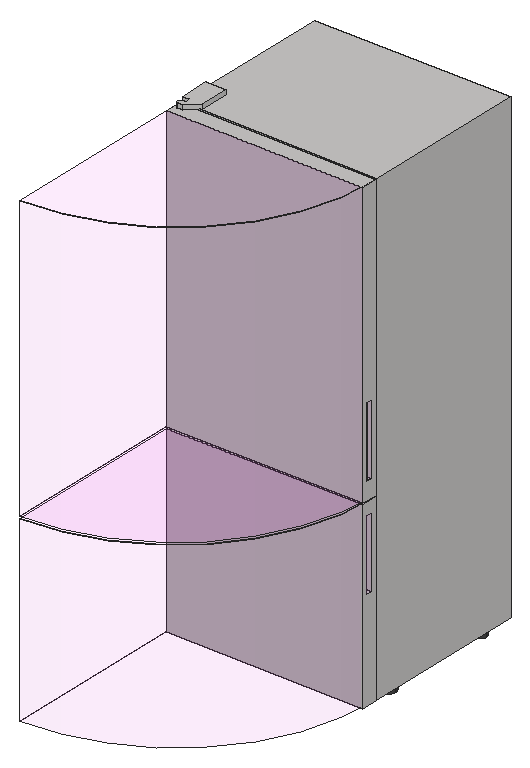
Revit family "QF_Summit_FFBF279SSX_Freezer_Refrigerator", category Specialty Equipment, Revit 2020
Family settings
  Round Connector Dimension = Use Diameter
  Part Type = Normal
  Work Plane-Based = No
  Always vertical = Yes
  Cut with Voids When Loaded = No
  Shared = No
  Room Calculation Point = No
Parameters
  Weight in Pounds = 177
  Watts = Volts * FL Amps  # 230 W
  Volts = 115 V
  URL Cutsheet = ""
  Specification by User = ""
  Specification by Manufacturer = ""
  Show RHD [instance] = not(Show LHD)  # yes
  Show LHD [instance] = no
  Show Clearance [instance] = yes
  Serial Number = ""
  Seismic Rating = ""
  SMACNA No = ""
  Revision Code = ""
  Refrigerant Volume = 0.00 kip
  Refrigerant Type = "R600a"
  Phase = 1
  Number of Poles = 1
  NAFEM Spec ID Number = ""
  Model = "FFBF279SSX"
  Min Ckt Ampacity = 0 A
  Max Overcurrent Protection = 0 A
  Masterspec = ""
  Manufacturer = "Summit"
  Length = 27 5/8"
  Item Number = ""
  Installed By = ""
  Identify Quantity as Lot = yes
  Height = 67.005"
  HP = ""
  Furnished By = ""
  Foodservice Equipment Identifier = yes
  FL Amps = 2 A
  Electrical Remarks = ""
  Electric Connection Type = ""
  Elec Conn RI Height = 0"
  Elec Conn Connection Height = 0"
  Description = "Freezer Refrigerator"
  Depth = 26 3/4"
  Default Elevation = 0"
  Cycle = 60 Hz
  Conn Plug = ""
  Conn Conduit = yes
  CSI MasterFormat = ""
  BTUH = 0.0 Btu/h
  Apparent Power = 0 VA
Reference planes (in)
  plane 1 "BACK": y = 0
  plane 2: z = 0
  plane 3 "LEFT": x = 0
  plane 4 "RIGHT": x = 27.625
  plane 5 "FRONT": y = -26.75
  plane 6 "TOP": z = 67.005
  plane 7 "Center Y": x = 13.8125
  plane 8 "Center X": y = -13.375
Dimensions and locks (in)
  equal spacing: plane 3 "LEFT", plane 7 "Center Y", plane 4 "RIGHT"
  "Length": plane 3 "LEFT" to plane 4 "RIGHT"
  equal spacing: plane 5 "FRONT", plane 8 "Center X", plane 1 "BACK"
  "Depth": plane 5 "FRONT" to plane 1 "BACK"
  "Height": plane 6 "TOP" to level
  aligned and locked: level to plane 2
Nested families (in)
  nested 1: "FFBF279SSX" at (0, 0, 0), Show Clearance <- "Show Clearance", Show LHD <- "Show LHD", Show RHD <- "Show RHD", type "FFBF279SSX"
    with Show RHD yes, Show LHD no, Show Clearance yes
Connectors (in)
  electrical at (19.67813, -0.34375, 2.5181), driven by "Volts", driven by "Watts"
    settings: on nested 1, index 1, voltage 115 V, apparent load 230 VA, apparent load phase1 0 VA, apparent load phase2 0 VA, apparent load phase3 0 VA, power factor 1, load classification "Other", number of poles 1, system type 30, power factor state 1, is connector primary yes, connector utility no, sub classification motor no, connector description "ELECTRICAL CONNECTION"
Definition of nested family "FFBF279SSX"
  Parameters (values of type "FFBF279SSX")
    Weight in Pounds = 0
    URL Cutsheet = ""
    Steam Supply Volume = 0 GPM
    Steam Supply Size = 0"
    Steam Supply RI Height = 0"
    Steam Supply Minimum Pressure = 0.00 psi
    Steam Supply Maximum Pressure = 0.00 psi
    Steam Supply Connection Height = 0"
    Specification by User = ""
    Specification by Manufacturer = ""
    Show RHD [instance] = yes
    Show LHD [instance] = yes
    Show Clearance [instance] = yes
    Serial Number = ""
    Seismic Rating = ""
    SMACNA No = ""
    Revision Code = ""
    NAFEM Spec ID Number = ""
    Mechanical Remarks = ""
    Mechanical Connection Type = ""
    Masterspec = ""
    Length = 27 5/8"
    Item Number = ""
    Installed By = ""
    Identify Quantity as Lot = yes
    Height = 67"
    Furnished By = ""
    Foodservice Equipment Identifier = yes
    Depth = 26 3/4"
    Default Elevation = 0"
    Condensate Return Size = 0"
    Condensate Return RI Height = 0"
    Condensate Return Connection Height = 0"
    CSI MasterFormat = ""
  Reference planes (in)
    plane 1 "BACK": y = 0
    plane 2: z = 0
    plane 3 "LEFT": x = 0
    plane 4 "RIGHT": x = 27.625
    plane 5 "FRONT": y = -26.75
    plane 6 "TOP": z = 67
    plane 7 "Center Y": x = 13.8125
    plane 8 "Center X": y = -13.375
    plane 9: z = 27
    plane 10: z = 1
    plane 11: z = 26.75
    plane 12: y = -52.5
  Forms (in)
    Extrusion 1, solid
      sketch origin (-5.80502, -180, 1) x (-1, 0, 0) y (0, -1, 0)
        loop
          line (-5.80502, -179.625) -> (-5.80502, -156) -> (-33.43002, -156) -> (-33.43002, -179.625) -> (-5.80502, -179.625)
      from 0 to 66.005
    Extrusion 2, solid
      sketch origin (16.90713, -180, 67.005) x (-1, 0, 0) y (0, -1, 0)
        loop
          line (16.90713, -155.75) -> (16.90713, -153.49532)
          arc (16.90713, -153.49532) -> (3.09462, -153.24408) -> (-10.71787, -153.4966) r 378.83899
          line (-10.71787, -153.4966) -> (-10.71787, -155.75) -> (16.90713, -155.75)
      from 0 to -40.005
    Extrusion 3, solid
      sketch origin (-5.80502, -180, 26.75) x (-1, 0, 0) y (0, -1, 0)
        loop
          line (-5.80502, -155.75) -> (-5.80502, -153.49532)
          arc (-5.80502, -153.49532) -> (-19.61753, -153.24408) -> (-33.43002, -153.4966) r 378.83899
          line (-33.43002, -153.4966) -> (-33.43002, -155.75) -> (-5.80502, -155.75)
      from 0 to -25.75
    Extrusion 4, solid, visible <- "Show LHD"
      sketch origin (-5.80502, -180, 67.63) x (-1, 0, 0) y (0, -1, 0)
        loop
          line (-30.63184, -160.30778) -> (-30.63184, -156.30778) -> (-32.2226, -154.71702) -> (-32.85327, -154.71702)
          arc (-32.85327, -154.71702) -> (-33.21648, -155.08022) -> (-32.85327, -155.44342) r 0.3632
          line (-32.85327, -155.44342) -> (-32.68202, -155.44342)
          arc (-32.68202, -155.44342) -> (-32.30306, -155.82238) -> (-32.68202, -156.20134) r 0.37896
          line (-32.68202, -156.20134) -> (-33.43002, -156.20134) -> (-33.43002, -160.30778) -> (-30.63184, -160.30778)
      from 0 to -0.625
    Extrusion 5, solid
      sketch origin (-5.80502, -180, 26.75) x (-1, 0, 0) y (0, -1, 0)
        loop
          arc (-32.68202, -155.44342) -> (-32.35727, -155.62706) -> (-32.34726, -156) r 0.37896
          line (-32.34726, -156) -> (-30.93962, -156) -> (-32.2226, -154.71702) -> (-32.85327, -154.71702)
          arc (-32.85327, -154.71702) -> (-33.21648, -155.08022) -> (-32.85327, -155.44342) r 0.3632
          line (-32.85327, -155.44342) -> (-32.68202, -155.44342)
      from 0 to 0.25
    Extrusion 6, solid
      sketch origin (-5.80502, -180, 1) x (0, -1, 0) y (-1, 0, 0)
        loop
          line (-179.625, -22.11759) -> (-180, -22.11759) -> (-180, -29.21727) -> (-179.625, -29.21727) -> (-179.625, -22.11759)
      from -31.54839 to -27.61692
    Extrusion 7, solid
      sketch origin (0, -0.375, 1) x (1, 0, 0) y (0, 0, -1)
        loop
          circle (19.67813, -1.5181) r 0.25
      from 0 to 0.03125
    Extrusion 8, void
      sketch origin (-5.80502, -180, 39.38) x (-1, 0, 0) y (0, -1, 0)
        loop
          line (-5.80502, -155.0799) -> (-5.80502, -154.0799) -> (-6.55502, -154.0799)
          arc (-6.55502, -154.0799) -> (-6.73179, -154.15312) -> (-6.80502, -154.3299) r 0.25
          line (-6.80502, -154.3299) -> (-6.80502, -154.8299)
          arc (-6.80502, -154.8299) -> (-6.73179, -155.00667) -> (-6.55502, -155.0799) r 0.25
          line (-6.55502, -155.0799) -> (-5.80502, -155.0799)
      from -9.96295 to 0.03125
    Extrusion 9, void
      sketch origin (-7.4785, -180, 25.08525) x (-1, 0, 0) y (0, -1, 0)
        loop
          line (-7.4785, -155.0799) -> (-7.4785, -154.0799) -> (-8.2285, -154.0799)
          arc (-8.2285, -154.0799) -> (-8.40527, -154.15312) -> (-8.4785, -154.3299) r 0.25
          line (-8.4785, -154.3299) -> (-8.4785, -154.8299)
          arc (-8.4785, -154.8299) -> (-8.40527, -155.00667) -> (-8.2285, -155.0799) r 0.25
          line (-8.2285, -155.0799) -> (-7.4785, -155.0799)
      from -9.96295 to 0.03125
    Extrusion 10, solid
      sketch origin (-5.80502, -180, 1) x (0, -1, 0) y (-1, 0, 0)
        loop
          line (-156, -6.18636) -> (-156, -33.19893) -> (-155.75, -33.19893) -> (-155.75, -6.18636) -> (-156, -6.18636)
      from -0.5168 to -25.38889
    Extrusion 11, solid
      sketch origin (-5.80502, -180, 53.26) x (1, 0, 0) y (0, 1, 0)
        loop
          line (6.18636, 156) -> (6.18636, 155.75) -> (33.19893, 155.75) -> (33.19893, 156) -> (6.18636, 156)
      from 13.37363 to -25.38889
    Revolve 12, solid
      sketch origin (-240, -20, 9.80984) x (0, 0, 1) y (-1, 0, 0)
        loop
          line (-8.80984, -241.3125) -> (-9.80984, -241.3125) -> (-9.80984, -242.12317) -> (-9.05984, -242.12317) -> (-9.05984, -241.74914) -> (-8.80984, -241.74914) -> (-8.80984, -241.3125)
        axis (-9.80984, -241.3125) -> (-8.80984, -241.3125)
      angle from 0 to 360
    Revolve 13, solid
      sketch origin (-240, -20, 9.80984) x (0, 0, 1) y (-1, 0, 0)
        loop
          line (-8.80984, -266.3125) -> (-8.80984, -265.87586) -> (-9.05984, -265.87586) -> (-9.05984, -265.50183) -> (-9.80984, -265.50183) -> (-9.80984, -266.3125) -> (-8.80984, -266.3125)
        axis (-9.80984, -266.3125) -> (-8.80984, -266.3125)
      angle from 0 to 360
    Revolve 14, solid
      sketch origin (-240, -4, 9.80984) x (0, 0, 1) y (-1, 0, 0)
        loop
          line (-8.80984, -241.3125) -> (-9.80984, -241.3125) -> (-9.80984, -242.12317) -> (-9.05984, -242.12317) -> (-9.05984, -241.74914) -> (-8.80984, -241.74914) -> (-8.80984, -241.3125)
        axis (-9.80984, -241.3125) -> (-8.80984, -241.3125)
      angle from 0 to 360
    Revolve 15, solid
      sketch origin (-240, -4, 9.80984) x (0, 0, 1) y (-1, 0, 0)
        loop
          line (-8.80984, -266.3125) -> (-8.80984, -265.87586) -> (-9.05984, -265.87586) -> (-9.05984, -265.50183) -> (-9.80984, -265.50183) -> (-9.80984, -266.3125) -> (-8.80984, -266.3125)
        axis (-9.80984, -266.3125) -> (-8.80984, -266.3125)
      angle from 0 to 360
    Extrusion 16, solid, visible <- "Show LHD"
      sketch origin (-5.80502, -180, 1) x (0, -1, 0) y (-1, 0, 0)
        loop
          line (-155.75, -5.81209) -> (-155.75, -33.43002) -> (-127.5, -33.43002)
          arc (-127.5, -33.43002) -> (-135.81341, -13.67646) -> (-155.75, -5.81209) r 27.625
      from 0 to -25.75
    Extrusion 17, solid, visible <- "Show LHD"
      sketch origin (16.90713, -180, 27) x (0, -1, 0) y (-1, 0, 0)
        loop
          line (-155.75, 16.90713) -> (-155.75, -10.71787) -> (-127.5, -10.71787)
          arc (-127.5, -10.71787) -> (-135.81088, 9.04029) -> (-155.75, 16.90713) r 27.625
      from 0 to -40.005
    Extrusion 18, solid, visible <- "Show RHD"
      sketch origin (33.43002, -180, 1) x (0, 1, 0) y (1, 0, 0)
        loop
          arc (155.75, -5.81209) -> (135.81341, -13.67646) -> (127.5, -33.43002) r 27.625
          line (127.5, -33.43002) -> (155.75, -33.43002) -> (155.75, -5.81209)
      from 0 to -25.75
    Extrusion 19, solid, visible <- "Show RHD"
      sketch origin (10.71787, -180, 27) x (0, 1, 0) y (1, 0, 0)
        loop
          arc (155.75, 16.90713) -> (135.81088, 9.04029) -> (127.5, -10.71787) r 27.625
          line (127.5, -10.71787) -> (155.75, -10.71787) -> (155.75, 16.90713)
      from 0 to -40.005
    Extrusion 20, void
      sketch origin (33.43002, -180, 39.38) x (1, 0, 0) y (0, 1, 0)
        loop
          line (-5.80502, 155.0799) -> (-6.55502, 155.0799)
          arc (-6.55502, 155.0799) -> (-6.73179, 155.00667) -> (-6.80502, 154.8299) r 0.25
          line (-6.80502, 154.8299) -> (-6.80502, 154.3299)
          arc (-6.80502, 154.3299) -> (-6.73179, 154.15312) -> (-6.55502, 154.0799) r 0.25
          line (-6.55502, 154.0799) -> (-5.80502, 154.0799) -> (-5.80502, 155.0799)
      from -9.96295 to 0.03125
    Extrusion 21, void
      sketch origin (35.1035, -180, 25.08525) x (1, 0, 0) y (0, 1, 0)
        loop
          line (-7.4785, 155.0799) -> (-8.2285, 155.0799)
          arc (-8.2285, 155.0799) -> (-8.40527, 155.00667) -> (-8.4785, 154.8299) r 0.25
          line (-8.4785, 154.8299) -> (-8.4785, 154.3299)
          arc (-8.4785, 154.3299) -> (-8.40527, 154.15312) -> (-8.2285, 154.0799) r 0.25
          line (-8.2285, 154.0799) -> (-7.4785, 154.0799) -> (-7.4785, 155.0799)
      from -9.96295 to 0.03125
    Extrusion 22, solid, visible <- "Show RHD"
      sketch origin (33.43002, -180, 67.63) x (1, 0, 0) y (0, 1, 0)
        loop
          line (-30.63184, 160.30778) -> (-33.43002, 160.30778) -> (-33.43002, 156.20134) -> (-32.68202, 156.20134)
          arc (-32.68202, 156.20134) -> (-32.30306, 155.82238) -> (-32.68202, 155.44342) r 0.37896
          line (-32.68202, 155.44342) -> (-32.85327, 155.44342)
          arc (-32.85327, 155.44342) -> (-33.21648, 155.08022) -> (-32.85327, 154.71702) r 0.3632
          line (-32.85327, 154.71702) -> (-32.2226, 154.71702) -> (-30.63184, 156.30778) -> (-30.63184, 160.30778)
      from 0 to -0.625
  Cuts and joins
    joined: Extrusion 1, Extrusion 6
    Extrusion 8, Extrusion 20 cuts Extrusion 2
    Extrusion 9, Extrusion 21 cuts Extrusion 3
    Extrusion 20 cuts Extrusion 17
    Extrusion 20 cuts Extrusion 19
    Extrusion 21 cuts Extrusion 16
  Lines and regions (in)
    symbolic lines
      curve 1: line (0, -0.375, 0) -> (27.625, -0.375, 0)
      curve 2: line (0, -24, 0) -> (0, -0.375, 0)
      curve 4: line (27.625, -0.375, 0) -> (27.625, -24, 0)
      curve 7: line (27.39391, -24.25, 0) -> (27.39391, -24, 0)
      curve 9: line (27.625, -24.25, 0) -> (27.625, -26.5034, 0)
      curve 10: arc (0, -26.50468, 0) -> (13.81251, -26.75592, 0) -> (27.625, -26.5034, 0) r 378.83899
      curve 11: line (0, -24.25, 0) -> (0, -26.50468, 0)
      curve 21: line (16.31258, 0, 0) -> (16.31258, -0.375, 0)
      curve 22: line (23.41225, 0, 0) -> (16.31258, 0, 0)
      curve 23: line (23.41225, -0.375, 0) -> (23.41225, 0, 0)
    symbolic lines, visible <- "Show LHD"
      curve 3: line (27.625, -24, 0) -> (26.54225, -24, 0)
      curve 5: line (25.1346, -24, 0) -> (0, -24, 0)
      curve 6: line (0.38134, -24, 0) -> (0.38134, -24.25, 0)
      curve 8: line (27.625, -24.25, 0) -> (26.50502, -24.25, 0)
      curve 12: line (0, -24.25, 0) -> (25.3846, -24.25, 0)
      curve 13: line (24.82682, -23.69222, 0) -> (26.41759, -25.28298, 0)
      curve 14: line (26.41759, -25.28298, 0) -> (27.04826, -25.28298, 0)
      curve 15: arc (27.04826, -25.28298, 0) -> (27.41146, -24.91978, 0) -> (27.04826, -24.55658, 0) r 0.3632
      curve 16: line (27.04826, -24.55658, 0) -> (26.877, -24.55658, 0)
      curve 17: arc (26.877, -24.55658, 0) -> (26.49804, -24.17762, 0) -> (26.877, -23.79866, 0) r 0.37896
      curve 18: line (26.877, -23.79866, 0) -> (27.625, -23.79866, 0)
      curve 19: line (27.625, -19.69222, 0) -> (24.82682, -19.69222, 0)
      curve 20: line (24.82682, -19.69222, 0) -> (24.82682, -23.69222, 0)
      curve 24: arc (3.42964, -38.21919, 0) -> (0.78967, -31.46174, 0) -> (0, -24.25, 0) r 27.625
      curve 25: line (27.625, -24.25, 0) -> (3.42964, -38.21919, 0)
    symbolic lines, visible <- "Show RHD"
      curve 26: arc (24.19536, -38.21919, 0) -> (26.83533, -31.46174, 0) -> (27.625, -24.25, 0) r 27.625
      curve 27: line (0, -24.25, 0) -> (24.19536, -38.21919, 0)
      curve 28: line (2.79818, -23.69222, 0) -> (1.20741, -25.28298, 0)
      curve 29: line (1.20741, -25.28298, 0) -> (0.57674, -25.28298, 0)
      curve 30: arc (0.57674, -25.28298, 0) -> (0.21354, -24.91978, 0) -> (0.57674, -24.55658, 0) r 0.3632
      curve 31: line (0.57674, -24.55658, 0) -> (0.748, -24.55658, 0)
      curve 32: arc (0.748, -24.55658, 0) -> (1.12696, -24.17762, 0) -> (0.748, -23.79866, 0) r 0.37896
      curve 33: line (0.748, -23.79866, 0) -> (0, -23.79866, 0)
      curve 34: line (0, -19.69222, 0) -> (2.79818, -19.69222, 0)
      curve 35: line (2.79818, -19.69222, 0) -> (2.79818, -23.69222, 0)
      curve 36: line (0, -24, 0) -> (1.08275, -24, 0)
      curve 37: line (2.4904, -24, 0) -> (27.625, -24, 0)
      curve 38: line (0, -24.25, 0) -> (1.11998, -24.25, 0)
      curve 39: line (27.625, -24.25, 0) -> (2.2404, -24.25, 0)
  Dimensions and locks (in)
    equal spacing: plane 3 "LEFT", plane 7 "Center Y", plane 4 "RIGHT"
    "Length": plane 3 "LEFT" to plane 4 "RIGHT"
    equal spacing: plane 5 "FRONT", plane 8 "Center X", plane 1 "BACK"
    "Depth": plane 5 "FRONT" to plane 1 "BACK"
    "Height": plane 6 "TOP" to level
    plane 6 "TOP" to plane 9 = 40"
    plane 11 to plane 10 = 25 3/4"
    plane 1 "BACK" to plane 12 = 52 1/2"
    Extrusion 4 to plane 6 "TOP" = 0.63"
    aligned and locked: level to plane 2
  Automatic sketch dimensions
    curve 1 to plane 3 "LEFT" = 0"
    curve 27 to plane 3 "LEFT" = 0"
    plane 1 "BACK" to curve 21 = 0"
    curve 8 to plane 4 "RIGHT" = 0"
    curve 4 to plane 4 "RIGHT" = 0"
    plane 3 "LEFT" to curve 26 = 0.00707"
    plane 3 "LEFT" to curve 31 = 0.57674"
    curve 31 to curve 31 = 0.17126"
    curve 30 to curve 28 = 0.63067"
    curve 33 to curve 35 = 2.05018"
    plane 3 "LEFT" to curve 25 = 3.42964"
    curve 10 to plane 7 "Center Y" = 0.01757"
    plane 7 "Center Y" to curve 21 = 2.50008"
    plane 4 "RIGHT" to curve 23 = 4.21275"
    plane 4 "RIGHT" to curve 27 = 3.42964"
    plane 4 "RIGHT" to curve 19 = 2.79818"
    plane 4 "RIGHT" to curve 14 = 1.20741"
    plane 4 "RIGHT" to curve 18 = 0.748"
    curve 16 to curve 15 = 0.17126"
    plane 4 "RIGHT" to curve 24 = 0.00707"
    plane 1 "BACK" to curve 2 = 3/8"
    curve 19 to plane 8 "Center X" = 6.31722"
    curve 34 to plane 8 "Center X" = 6.31722"
    curve 28 to plane 5 "FRONT" = 3.05778"
    curve 13 to plane 5 "FRONT" = 3.05778"
    curve 18 to curve 13 = 0.10644"
    curve 33 to curve 28 = 0.10644"
    curve 37 to curve 18 = 0.20134"
    curve 36 to curve 33 = 0.20134"
    curve 17 to curve 17 = 0.37896"
    curve 32 to curve 36 = 0.17762"
    curve 39 to curve 3 = 1/4"
    curve 38 to curve 2 = 1/4"
    curve 24 to curve 26 = 5/8"
    curve 26 to curve 24 = 5/8"
    curve 30 to curve 30 = 0.3632"
    curve 15 to curve 15 = 0.3632"
    curve 9 to plane 5 "FRONT" = 0.2466"
    curve 10 to plane 1 "BACK" = 352.08307"
    curve 6 to curve 30 = 0.1954"
    curve 7 to curve 8 = 0.23109"
    Extrusion 1 sketch curve to plane 4 "RIGHT" = 0"
    Extrusion 1 sketch curve to plane 3 "LEFT" = 0"
    plane 1 "BACK" to Extrusion 1 sketch curve = 3/8"
    Extrusion 1 sketch curve to plane 5 "FRONT" = 2 3/4"
    Extrusion 2 sketch curve to plane 4 "RIGHT" = 0"
    Extrusion 2 sketch curve to plane 3 "LEFT" = 0"
    Extrusion 2 sketch curve to plane 7 "Center Y" = 0.01757"
    Extrusion 2 sketch curve to plane 1 "BACK" = 352.08307"
    Extrusion 2 sketch curve to plane 5 "FRONT" = 2 1/2"
    Extrusion 2 sketch curve to plane 5 "FRONT" = 0.2466"
    Extrusion 3 sketch curve to plane 4 "RIGHT" = 0"
    Extrusion 3 sketch curve to plane 3 "LEFT" = 0"
    Extrusion 3 sketch curve to plane 7 "Center Y" = 0.01757"
    Extrusion 3 sketch curve to plane 1 "BACK" = 352.08307"
    Extrusion 3 sketch curve to plane 5 "FRONT" = 2 1/2"
    Extrusion 3 sketch curve to plane 5 "FRONT" = 0.2466"
    Extrusion 4 sketch curve to plane 4 "RIGHT" = 0"
    plane 4 "RIGHT" to Extrusion 4 sketch curve = 0.57674"
    plane 4 "RIGHT" to Extrusion 4 sketch curve = 0.748"
    Extrusion 4 sketch curve to Extrusion 4 sketch curve = 0.63067"
    Extrusion 4 sketch curve to Extrusion 4 sketch curve = 2.05018"
    Extrusion 4 sketch curve to plane 8 "Center X" = 6.31722"
    Extrusion 4 sketch curve to plane 5 "FRONT" = 3.05778"
    Extrusion 4 sketch curve to Extrusion 4 sketch curve = 0.10644"
    Extrusion 4 sketch curve to Extrusion 4 sketch curve = 0.37896"
    Extrusion 4 sketch curve to Extrusion 4 sketch curve = 0.3632"
    Extrusion 5 sketch curve to Extrusion 3 = 0.30658"
    Extrusion 5 sketch curve to Extrusion 3 = 0.57674"
    Extrusion 3 to Extrusion 5 sketch curve = 0.07238"
    Extrusion 5 sketch curve to Extrusion 5 sketch curve = 0.17126"
    Extrusion 3 to Extrusion 5 sketch curve = 1/4"
    Extrusion 5 sketch curve to Extrusion 5 sketch curve = 0.63067"
    Extrusion 5 sketch curve to Extrusion 5 sketch curve = 1.40765"
    Extrusion 5 sketch curve to Extrusion 5 sketch curve = 0.3632"
    Extrusion 1 to Extrusion 6 sketch curve = 0"
    Extrusion 6 sketch curve to Extrusion 1 = 3/8"
    Extrusion 1 to Extrusion 6 sketch curve = 11.31242"
    Extrusion 1 to Extrusion 6 sketch curve = 4.21275"
    Extrusion 1 to Extrusion 7 sketch curve = 1.5181"
    Extrusion 7 sketch curve to Extrusion 1 = 7.94687"
    Extrusion 8 sketch curve to plane 3 "LEFT" = 0"
    plane 3 "LEFT" to Extrusion 8 sketch curve = 3/4"
    Extrusion 8 sketch curve to Extrusion 8 sketch curve = 0"
    Extrusion 8 sketch curve to Extrusion 8 sketch curve = 1/4"
    Extrusion 8 sketch curve to plane 5 "FRONT" = 1.8299"
    Extrusion 8 sketch curve to Extrusion 8 sketch curve = 1/2"
    Extrusion 9 sketch curve to plane 3 "LEFT" = 0"
    plane 3 "LEFT" to Extrusion 9 sketch curve = 3/4"
    Extrusion 9 sketch curve to Extrusion 9 sketch curve = 0"
    Extrusion 9 sketch curve to Extrusion 9 sketch curve = 1/4"
    Extrusion 9 sketch curve to plane 5 "FRONT" = 1.8299"
    Extrusion 9 sketch curve to Extrusion 9 sketch curve = 1/2"
    Extrusion 3 to Extrusion 10 sketch curve = 0"
    Extrusion 10 sketch curve to Extrusion 3 = 1/4"
    Extrusion 3 to Extrusion 10 sketch curve = 0.38134"
    Extrusion 3 to Extrusion 10 sketch curve = 0.23109"
    plane 3 "LEFT" to Extrusion 11 sketch curve = 0.38134"
    plane 4 "RIGHT" to Extrusion 11 sketch curve = 0.23109"
    Extrusion 11 sketch curve to plane 5 "FRONT" = 2 1/2"
    Extrusion 11 sketch curve to Extrusion 11 sketch curve = 1/4"
    Revolve 12 sketch curve to level = 0"  (x2)
    Revolve 12 sketch curve to plane 10 = 0"
    Revolve 12 sketch curve to Revolve 12 sketch curve = 1/4"
    plane 3 "LEFT" to Revolve 12 sketch curve = 2.12317"
    Revolve 12 sketch curve to Revolve 12 sketch curve = 0.37403"
    Revolve 12 sketch curve to Revolve 12 sketch curve = 0.81067"
    Revolve 12 sketch curve to Revolve 12 sketch curve = 0.33513"
    Revolve 12 sketch curve to Revolve 12 sketch curve = 0"
    Revolve 13 sketch curve to level = 0"  (x2)
    Revolve 13 sketch curve to plane 10 = 0"
    Revolve 13 sketch curve to plane 10 = 1/4"
    plane 4 "RIGHT" to Revolve 13 sketch curve = 1 5/16"
    Revolve 13 sketch curve to Revolve 13 sketch curve = 0.43664"
    Revolve 13 sketch curve to Revolve 13 sketch curve = 0.81067"
    Revolve 13 sketch curve to Revolve 13 sketch curve = 0.33513"
    Revolve 13 sketch curve to Revolve 13 sketch curve = 0"
    Revolve 14 sketch curve to level = 0"  (x2)
    Revolve 14 sketch curve to plane 10 = 0"
    Revolve 14 sketch curve to plane 10 = 1/4"
    plane 3 "LEFT" to Revolve 14 sketch curve = 2.12317"
    Revolve 14 sketch curve to Revolve 14 sketch curve = 0.37403"
    Revolve 14 sketch curve to Revolve 14 sketch curve = 0.81067"
    Revolve 14 sketch curve to Revolve 14 sketch curve = 0.33513"
    Revolve 14 sketch curve to Revolve 14 sketch curve = 0"
    Revolve 15 sketch curve to level = 0"  (x2)
    Revolve 15 sketch curve to plane 10 = 0"
    Revolve 15 sketch curve to plane 10 = 1/4"
    plane 4 "RIGHT" to Revolve 15 sketch curve = 1 5/16"
    Revolve 15 sketch curve to Revolve 15 sketch curve = 0.43664"
    Revolve 15 sketch curve to Revolve 15 sketch curve = 0.81067"
    Revolve 15 sketch curve to Revolve 15 sketch curve = 0.33513"
    Revolve 15 sketch curve to Revolve 15 sketch curve = 0"
    Extrusion 3 to Extrusion 16 sketch curve = 0"
    Extrusion 16 sketch curve to Extrusion 3 = 0"
    Extrusion 3 to Extrusion 16 sketch curve = 5/8"
    Extrusion 16 sketch curve to Extrusion 16 sketch curve = 27 5/8"
    Extrusion 17 sketch curve to Extrusion 2 = 0"  (x3)
    Extrusion 2 to Extrusion 17 sketch curve = 0.00707"
    Extrusion 2 to Extrusion 17 sketch curve = 5/8"
    Extrusion 18 sketch curve to Extrusion 3 = 0"  (x2)
    Extrusion 18 sketch curve to Extrusion 18 sketch curve = 5/8"
    Extrusion 18 sketch curve to Extrusion 18 sketch curve = 27 5/8"
    Extrusion 19 sketch curve to Extrusion 2 = 0"  (x3)
    Extrusion 2 to Extrusion 19 sketch curve = 0.00707"
    Extrusion 2 to Extrusion 19 sketch curve = 5/8"
    Extrusion 20 sketch curve to plane 4 "RIGHT" = 0"
    plane 4 "RIGHT" to Extrusion 20 sketch curve = 3/4"
    Extrusion 20 sketch curve to Extrusion 20 sketch curve = 0"
    Extrusion 20 sketch curve to Extrusion 20 sketch curve = 1/4"
    Extrusion 20 sketch curve to plane 5 "FRONT" = 0.8299"
    Extrusion 20 sketch curve to Extrusion 20 sketch curve = 1/2"
    Extrusion 21 sketch curve to plane 4 "RIGHT" = 0"
    plane 4 "RIGHT" to Extrusion 21 sketch curve = 3/4"
    Extrusion 21 sketch curve to Extrusion 21 sketch curve = 0"
    Extrusion 21 sketch curve to Extrusion 21 sketch curve = 1/4"
    Extrusion 21 sketch curve to plane 5 "FRONT" = 0.8299"
    Extrusion 21 sketch curve to Extrusion 21 sketch curve = 1/2"
    Extrusion 22 sketch curve to plane 3 "LEFT" = 0"
    plane 3 "LEFT" to Extrusion 22 sketch curve = 0.57674"
    plane 3 "LEFT" to Extrusion 22 sketch curve = 0.748"
    Extrusion 22 sketch curve to Extrusion 22 sketch curve = 0.63067"
    Extrusion 22 sketch curve to Extrusion 22 sketch curve = 2.05018"
    Extrusion 22 sketch curve to plane 5 "FRONT" = 1.46702"
    Extrusion 22 sketch curve to Extrusion 22 sketch curve = 0.3632"
    Extrusion 22 sketch curve to Extrusion 22 sketch curve = 0.37896"
    Extrusion 22 sketch curve to Extrusion 22 sketch curve = 0.10644"
    Extrusion 22 sketch curve to Extrusion 22 sketch curve = 4.10644"
    radius of Extrusion 7 sketch curve = 1/4"
